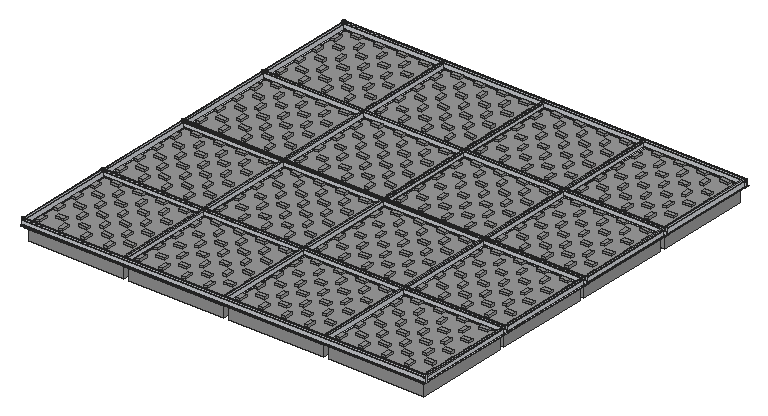
Revit family "GRD-FPG-011_RFA", category Modelos genéricos, Revit 2022 (continued)
Forms (in)
  Extrusion 181, solid
    sketch origin (48.02754, 154.90856, 0) x (1, 0, 0) y (0, 0, 1)
      loop
        arc (0.32669, 2.16944) -> (0.31795, 2.15637) -> (0.31489, 2.14095) r 0.04029
        line (0.31489, 2.14095) -> (0.31489, 1.72991)
        arc (0.31489, 1.72991) -> (0.32752, 1.69941) -> (0.35803, 1.68677) r 0.04314
        line (0.35803, 1.68677) -> (0.39803, 1.68677)
        arc (0.39803, 1.68677) -> (0.41512, 1.67969) -> (0.42221, 1.66259) r 0.02418
      loop
        arc (0.33294, 1.7291) -> (0.34005, 1.71194) -> (0.35722, 1.70483) r 0.02428
        line (0.35722, 1.70483) -> (0.39815, 1.70483)
        arc (0.39815, 1.70483) -> (0.42797, 1.69248) -> (0.44023, 1.66266) r 0.04217
        arc (0.44023, 1.66266) -> (0.45258, 1.69248) -> (0.4824, 1.70483) r 0.04217
        line (0.4824, 1.70483) -> (0.52333, 1.70483)
        arc (0.52333, 1.70483) -> (0.54049, 1.71194) -> (0.54761, 1.7291) r 0.02428
        line (0.54761, 1.7291) -> (0.54761, 2.15016) -> (0.45704, 2.24072)
        arc (0.45704, 2.24072) -> (0.44027, 2.24767) -> (0.42351, 2.24072) r 0.02371
        line (0.42351, 2.24072) -> (0.33294, 2.15016) -> (0.33294, 1.7291)
    from 58.93614 to 81.99864
  Extrusion 182, solid
    sketch origin (72.02767, 154.90856, 0) x (1, 0, 0) y (0, 0, 1)
      loop
        line (0.42221, 1.66259) -> (0.42231, 0.67354)
        arc (0.42231, 0.67354) -> (0.41009, 0.64403) -> (0.38057, 0.6318) r 0.04174
        line (0.38057, 0.6318) -> (-0.00639, 0.6318) -> (-0.00639, 0.59057) -> (0.8874, 0.59057) -> (0.8874, 0.6318) -> (0.49998, 0.6318)
        arc (0.49998, 0.6318) -> (0.47046, 0.64403) -> (0.45824, 0.67354) r 0.04174
        line (0.45824, 0.67354) -> (0.45834, 1.66259)
        arc (0.45834, 1.66259) -> (0.46543, 1.67969) -> (0.48252, 1.68677) r 0.02418
        line (0.48252, 1.68677) -> (0.52252, 1.68677)
        arc (0.52252, 1.68677) -> (0.55303, 1.69941) -> (0.56566, 1.72991) r 0.04314
        line (0.56566, 1.72991) -> (0.56566, 2.14095)
        arc (0.56566, 2.14095) -> (0.5626, 2.15637) -> (0.55386, 2.16944) r 0.04029
        line (0.55386, 2.16944) -> (0.47053, 2.25277)
        arc (0.47053, 2.25277) -> (0.44027, 2.2653) -> (0.41002, 2.25277) r 0.04279
        line (0.41002, 2.25277) -> (0.32669, 2.16944)
        arc (0.32669, 2.16944) -> (0.31795, 2.15637) -> (0.31489, 2.14095) r 0.04029
        line (0.31489, 2.14095) -> (0.31489, 1.72991)
        arc (0.31489, 1.72991) -> (0.32752, 1.69941) -> (0.35803, 1.68677) r 0.04314
        line (0.35803, 1.68677) -> (0.39803, 1.68677)
        arc (0.39803, 1.68677) -> (0.41512, 1.67969) -> (0.42221, 1.66259) r 0.02418
      loop
        arc (0.33294, 1.7291) -> (0.34005, 1.71194) -> (0.35722, 1.70483) r 0.02428
        line (0.35722, 1.70483) -> (0.39815, 1.70483)
        arc (0.39815, 1.70483) -> (0.42797, 1.69248) -> (0.44023, 1.66266) r 0.04217
        arc (0.44023, 1.66266) -> (0.45258, 1.69248) -> (0.4824, 1.70483) r 0.04217
        line (0.4824, 1.70483) -> (0.52333, 1.70483)
        arc (0.52333, 1.70483) -> (0.54049, 1.71194) -> (0.54761, 1.7291) r 0.02428
        line (0.54761, 1.7291) -> (0.54761, 2.15016) -> (0.45704, 2.24072)
        arc (0.45704, 2.24072) -> (0.44027, 2.24767) -> (0.42351, 2.24072) r 0.02371
        line (0.42351, 2.24072) -> (0.33294, 2.15016) -> (0.33294, 1.7291)
    from 58.93614 to 81.99864
  Extrusion 183, solid
    sketch origin (96.02767, 154.90856, 0) x (1, 0, 0) y (0, 0, 1)
      loop
        line (0.42221, 1.66259) -> (0.42231, 0.67354)
        arc (0.42231, 0.67354) -> (0.41009, 0.64403) -> (0.38057, 0.6318) r 0.04174
        line (0.38057, 0.6318) -> (-0.00639, 0.6318) -> (-0.00639, 0.59057) -> (0.8874, 0.59057) -> (0.8874, 0.6318) -> (0.49998, 0.6318)
        arc (0.49998, 0.6318) -> (0.47046, 0.64403) -> (0.45824, 0.67354) r 0.04174
        line (0.45824, 0.67354) -> (0.45834, 1.66259)
        arc (0.45834, 1.66259) -> (0.46543, 1.67969) -> (0.48252, 1.68677) r 0.02418
        line (0.48252, 1.68677) -> (0.52252, 1.68677)
        arc (0.52252, 1.68677) -> (0.55303, 1.69941) -> (0.56566, 1.72991) r 0.04314
        line (0.56566, 1.72991) -> (0.56566, 2.14095)
        arc (0.56566, 2.14095) -> (0.5626, 2.15637) -> (0.55386, 2.16944) r 0.04029
        line (0.55386, 2.16944) -> (0.47053, 2.25277)
        arc (0.47053, 2.25277) -> (0.44027, 2.2653) -> (0.41002, 2.25277) r 0.04279
        line (0.41002, 2.25277) -> (0.32669, 2.16944)
        arc (0.32669, 2.16944) -> (0.31795, 2.15637) -> (0.31489, 2.14095) r 0.04029
        line (0.31489, 2.14095) -> (0.31489, 1.72991)
        arc (0.31489, 1.72991) -> (0.32752, 1.69941) -> (0.35803, 1.68677) r 0.04314
        line (0.35803, 1.68677) -> (0.39803, 1.68677)
        arc (0.39803, 1.68677) -> (0.41512, 1.67969) -> (0.42221, 1.66259) r 0.02418
      loop
        arc (0.33294, 1.7291) -> (0.34005, 1.71194) -> (0.35722, 1.70483) r 0.02428
        line (0.35722, 1.70483) -> (0.39815, 1.70483)
        arc (0.39815, 1.70483) -> (0.42797, 1.69248) -> (0.44023, 1.66266) r 0.04217
        arc (0.44023, 1.66266) -> (0.45258, 1.69248) -> (0.4824, 1.70483) r 0.04217
        line (0.4824, 1.70483) -> (0.52333, 1.70483)
        arc (0.52333, 1.70483) -> (0.54049, 1.71194) -> (0.54761, 1.7291) r 0.02428
        line (0.54761, 1.7291) -> (0.54761, 2.15016) -> (0.45704, 2.24072)
        arc (0.45704, 2.24072) -> (0.44027, 2.24767) -> (0.42351, 2.24072) r 0.02371
        line (0.42351, 2.24072) -> (0.33294, 2.15016) -> (0.33294, 1.7291)
    from 58.93614 to 81.99864
  Extrusion 184, solid
    sketch origin (24.02767, 154.90856, 0) x (1, 0, 0) y (0, 0, 1)
      loop
        line (0.42221, 1.66259) -> (0.42231, 0.67354)
        arc (0.42231, 0.67354) -> (0.41009, 0.64403) -> (0.38057, 0.6318) r 0.04174
        line (0.38057, 0.6318) -> (-0.00639, 0.6318) -> (-0.00639, 0.59057) -> (0.8874, 0.59057) -> (0.8874, 0.6318) -> (0.49998, 0.6318)
        arc (0.49998, 0.6318) -> (0.47046, 0.64403) -> (0.45824, 0.67354) r 0.04174
        line (0.45824, 0.67354) -> (0.45834, 1.66259)
        arc (0.45834, 1.66259) -> (0.46543, 1.67969) -> (0.48252, 1.68677) r 0.02418
        line (0.48252, 1.68677) -> (0.52252, 1.68677)
        arc (0.52252, 1.68677) -> (0.55303, 1.69941) -> (0.56566, 1.72991) r 0.04314
        line (0.56566, 1.72991) -> (0.56566, 2.14095)
        arc (0.56566, 2.14095) -> (0.5626, 2.15637) -> (0.55386, 2.16944) r 0.04029
        line (0.55386, 2.16944) -> (0.47053, 2.25277)
        arc (0.47053, 2.25277) -> (0.44027, 2.2653) -> (0.41002, 2.25277) r 0.04279
        line (0.41002, 2.25277) -> (0.32669, 2.16944)
        arc (0.32669, 2.16944) -> (0.31795, 2.15637) -> (0.31489, 2.14095) r 0.04029
        line (0.31489, 2.14095) -> (0.31489, 1.72991)
        arc (0.31489, 1.72991) -> (0.32752, 1.69941) -> (0.35803, 1.68677) r 0.04314
        line (0.35803, 1.68677) -> (0.39803, 1.68677)
        arc (0.39803, 1.68677) -> (0.41512, 1.67969) -> (0.42221, 1.66259) r 0.02418
      loop
        arc (0.33294, 1.7291) -> (0.34005, 1.71194) -> (0.35722, 1.70483) r 0.02428
        line (0.35722, 1.70483) -> (0.39815, 1.70483)
        arc (0.39815, 1.70483) -> (0.42797, 1.69248) -> (0.44023, 1.66266) r 0.04217
        arc (0.44023, 1.66266) -> (0.45258, 1.69248) -> (0.4824, 1.70483) r 0.04217
        line (0.4824, 1.70483) -> (0.52333, 1.70483)
        arc (0.52333, 1.70483) -> (0.54049, 1.71194) -> (0.54761, 1.7291) r 0.02428
        line (0.54761, 1.7291) -> (0.54761, 2.15016) -> (0.45704, 2.24072)
        arc (0.45704, 2.24072) -> (0.44027, 2.24767) -> (0.42351, 2.24072) r 0.02371
        line (0.42351, 2.24072) -> (0.33294, 2.15016) -> (0.33294, 1.7291)
    from 58.93614 to 81.99864
  Extrusion 185, solid
    sketch origin (0.02767, 154.90856, 0) x (1, 0, 0) y (0, 0, 1)
      loop
        line (0.42221, 1.66259) -> (0.42231, 0.67354)
        arc (0.42231, 0.67354) -> (0.41009, 0.64403) -> (0.38057, 0.6318) r 0.04174
        line (0.38057, 0.6318) -> (-0.00639, 0.6318) -> (-0.00639, 0.59057) -> (0.8874, 0.59057) -> (0.8874, 0.6318) -> (0.49998, 0.6318)
        arc (0.49998, 0.6318) -> (0.47046, 0.64403) -> (0.45824, 0.67354) r 0.04174
        line (0.45824, 0.67354) -> (0.45834, 1.66259)
        arc (0.45834, 1.66259) -> (0.46543, 1.67969) -> (0.48252, 1.68677) r 0.02418
        line (0.48252, 1.68677) -> (0.52252, 1.68677)
        arc (0.52252, 1.68677) -> (0.55303, 1.69941) -> (0.56566, 1.72991) r 0.04314
        line (0.56566, 1.72991) -> (0.56566, 2.14095)
        arc (0.56566, 2.14095) -> (0.5626, 2.15637) -> (0.55386, 2.16944) r 0.04029
        line (0.55386, 2.16944) -> (0.47053, 2.25277)
        arc (0.47053, 2.25277) -> (0.44027, 2.2653) -> (0.41002, 2.25277) r 0.04279
        line (0.41002, 2.25277) -> (0.32669, 2.16944)
        arc (0.32669, 2.16944) -> (0.31795, 2.15637) -> (0.31489, 2.14095) r 0.04029
        line (0.31489, 2.14095) -> (0.31489, 1.72991)
        arc (0.31489, 1.72991) -> (0.32752, 1.69941) -> (0.35803, 1.68677) r 0.04314
        line (0.35803, 1.68677) -> (0.39803, 1.68677)
        arc (0.39803, 1.68677) -> (0.41512, 1.67969) -> (0.42221, 1.66259) r 0.02418
      loop
        arc (0.33294, 1.7291) -> (0.34005, 1.71194) -> (0.35722, 1.70483) r 0.02428
        line (0.35722, 1.70483) -> (0.39815, 1.70483)
        arc (0.39815, 1.70483) -> (0.42797, 1.69248) -> (0.44023, 1.66266) r 0.04217
        arc (0.44023, 1.66266) -> (0.45258, 1.69248) -> (0.4824, 1.70483) r 0.04217
        line (0.4824, 1.70483) -> (0.52333, 1.70483)
        arc (0.52333, 1.70483) -> (0.54049, 1.71194) -> (0.54761, 1.7291) r 0.02428
        line (0.54761, 1.7291) -> (0.54761, 2.15016) -> (0.45704, 2.24072)
        arc (0.45704, 2.24072) -> (0.44027, 2.24767) -> (0.42351, 2.24072) r 0.02371
        line (0.42351, 2.24072) -> (0.33294, 2.15016) -> (0.33294, 1.7291)
    from 58.93614 to 81.99864
  Extrusion 186, solid
    sketch origin (48.02754, 130.90855, 0) x (1, 0, 0) y (0, 0, 1)
      loop
        line (0.42221, 1.66259) -> (0.42231, 0.67354)
        arc (0.42231, 0.67354) -> (0.41009, 0.64403) -> (0.38057, 0.6318) r 0.04174
        line (0.38057, 0.6318) -> (-0.00639, 0.6318) -> (-0.00639, 0.59057) -> (0.8874, 0.59057) -> (0.8874, 0.6318) -> (0.49998, 0.6318)
        arc (0.49998, 0.6318) -> (0.47046, 0.64403) -> (0.45824, 0.67354) r 0.04174
        line (0.45824, 0.67354) -> (0.45834, 1.66259)
        arc (0.45834, 1.66259) -> (0.46543, 1.67969) -> (0.48252, 1.68677) r 0.02418
        line (0.48252, 1.68677) -> (0.52252, 1.68677)
        arc (0.52252, 1.68677) -> (0.55303, 1.69941) -> (0.56566, 1.72991) r 0.04314
        line (0.56566, 1.72991) -> (0.56566, 2.14095)
        arc (0.56566, 2.14095) -> (0.5626, 2.15637) -> (0.55386, 2.16944) r 0.04029
        line (0.55386, 2.16944) -> (0.47053, 2.25277)
        arc (0.47053, 2.25277) -> (0.44027, 2.2653) -> (0.41002, 2.25277) r 0.04279
        line (0.41002, 2.25277) -> (0.32669, 2.16944)
        arc (0.32669, 2.16944) -> (0.31795, 2.15637) -> (0.31489, 2.14095) r 0.04029
        line (0.31489, 2.14095) -> (0.31489, 1.72991)
        arc (0.31489, 1.72991) -> (0.32752, 1.69941) -> (0.35803, 1.68677) r 0.04314
        line (0.35803, 1.68677) -> (0.39803, 1.68677)
        arc (0.39803, 1.68677) -> (0.41512, 1.67969) -> (0.42221, 1.66259) r 0.02418
      loop
        arc (0.33294, 1.7291) -> (0.34005, 1.71194) -> (0.35722, 1.70483) r 0.02428
        line (0.35722, 1.70483) -> (0.39815, 1.70483)
        arc (0.39815, 1.70483) -> (0.42797, 1.69248) -> (0.44023, 1.66266) r 0.04217
        arc (0.44023, 1.66266) -> (0.45258, 1.69248) -> (0.4824, 1.70483) r 0.04217
        line (0.4824, 1.70483) -> (0.52333, 1.70483)
        arc (0.52333, 1.70483) -> (0.54049, 1.71194) -> (0.54761, 1.7291) r 0.02428
        line (0.54761, 1.7291) -> (0.54761, 2.15016) -> (0.45704, 2.24072)
        arc (0.45704, 2.24072) -> (0.44027, 2.24767) -> (0.42351, 2.24072) r 0.02371
        line (0.42351, 2.24072) -> (0.33294, 2.15016) -> (0.33294, 1.7291)
    from 58.93614 to 81.99864
  Extrusion 187, solid
    sketch origin (72.02767, 130.90855, 0) x (1, 0, 0) y (0, 0, 1)
      loop
        line (0.42221, 1.66259) -> (0.42231, 0.67354)
        arc (0.42231, 0.67354) -> (0.41009, 0.64403) -> (0.38057, 0.6318) r 0.04174
        line (0.38057, 0.6318) -> (-0.00639, 0.6318) -> (-0.00639, 0.59057) -> (0.8874, 0.59057) -> (0.8874, 0.6318) -> (0.49998, 0.6318)
        arc (0.49998, 0.6318) -> (0.47046, 0.64403) -> (0.45824, 0.67354) r 0.04174
        line (0.45824, 0.67354) -> (0.45834, 1.66259)
        arc (0.45834, 1.66259) -> (0.46543, 1.67969) -> (0.48252, 1.68677) r 0.02418
        line (0.48252, 1.68677) -> (0.52252, 1.68677)
        arc (0.52252, 1.68677) -> (0.55303, 1.69941) -> (0.56566, 1.72991) r 0.04314
        line (0.56566, 1.72991) -> (0.56566, 2.14095)
        arc (0.56566, 2.14095) -> (0.5626, 2.15637) -> (0.55386, 2.16944) r 0.04029
        line (0.55386, 2.16944) -> (0.47053, 2.25277)
        arc (0.47053, 2.25277) -> (0.44027, 2.2653) -> (0.41002, 2.25277) r 0.04279
        line (0.41002, 2.25277) -> (0.32669, 2.16944)
        arc (0.32669, 2.16944) -> (0.31795, 2.15637) -> (0.31489, 2.14095) r 0.04029
        line (0.31489, 2.14095) -> (0.31489, 1.72991)
        arc (0.31489, 1.72991) -> (0.32752, 1.69941) -> (0.35803, 1.68677) r 0.04314
        line (0.35803, 1.68677) -> (0.39803, 1.68677)
        arc (0.39803, 1.68677) -> (0.41512, 1.67969) -> (0.42221, 1.66259) r 0.02418
      loop
        arc (0.33294, 1.7291) -> (0.34005, 1.71194) -> (0.35722, 1.70483) r 0.02428
        line (0.35722, 1.70483) -> (0.39815, 1.70483)
        arc (0.39815, 1.70483) -> (0.42797, 1.69248) -> (0.44023, 1.66266) r 0.04217
        arc (0.44023, 1.66266) -> (0.45258, 1.69248) -> (0.4824, 1.70483) r 0.04217
        line (0.4824, 1.70483) -> (0.52333, 1.70483)
        arc (0.52333, 1.70483) -> (0.54049, 1.71194) -> (0.54761, 1.7291) r 0.02428
        line (0.54761, 1.7291) -> (0.54761, 2.15016) -> (0.45704, 2.24072)
        arc (0.45704, 2.24072) -> (0.44027, 2.24767) -> (0.42351, 2.24072) r 0.02371
        line (0.42351, 2.24072) -> (0.33294, 2.15016) -> (0.33294, 1.7291)
    from 58.93614 to 81.99864
  Extrusion 188, solid
    sketch origin (96.02767, 130.90855, 0) x (1, 0, 0) y (0, 0, 1)
      loop
        line (0.42221, 1.66259) -> (0.42231, 0.67354)
        arc (0.42231, 0.67354) -> (0.41009, 0.64403) -> (0.38057, 0.6318) r 0.04174
        line (0.38057, 0.6318) -> (-0.00639, 0.6318) -> (-0.00639, 0.59057) -> (0.8874, 0.59057) -> (0.8874, 0.6318) -> (0.49998, 0.6318)
        arc (0.49998, 0.6318) -> (0.47046, 0.64403) -> (0.45824, 0.67354) r 0.04174
        line (0.45824, 0.67354) -> (0.45834, 1.66259)
        arc (0.45834, 1.66259) -> (0.46543, 1.67969) -> (0.48252, 1.68677) r 0.02418
        line (0.48252, 1.68677) -> (0.52252, 1.68677)
        arc (0.52252, 1.68677) -> (0.55303, 1.69941) -> (0.56566, 1.72991) r 0.04314
        line (0.56566, 1.72991) -> (0.56566, 2.14095)
        arc (0.56566, 2.14095) -> (0.5626, 2.15637) -> (0.55386, 2.16944) r 0.04029
        line (0.55386, 2.16944) -> (0.47053, 2.25277)
        arc (0.47053, 2.25277) -> (0.44027, 2.2653) -> (0.41002, 2.25277) r 0.04279
        line (0.41002, 2.25277) -> (0.32669, 2.16944)
        arc (0.32669, 2.16944) -> (0.31795, 2.15637) -> (0.31489, 2.14095) r 0.04029
        line (0.31489, 2.14095) -> (0.31489, 1.72991)
        arc (0.31489, 1.72991) -> (0.32752, 1.69941) -> (0.35803, 1.68677) r 0.04314
        line (0.35803, 1.68677) -> (0.39803, 1.68677)
        arc (0.39803, 1.68677) -> (0.41512, 1.67969) -> (0.42221, 1.66259) r 0.02418
      loop
        arc (0.33294, 1.7291) -> (0.34005, 1.71194) -> (0.35722, 1.70483) r 0.02428
        line (0.35722, 1.70483) -> (0.39815, 1.70483)
        arc (0.39815, 1.70483) -> (0.42797, 1.69248) -> (0.44023, 1.66266) r 0.04217
        arc (0.44023, 1.66266) -> (0.45258, 1.69248) -> (0.4824, 1.70483) r 0.04217
        line (0.4824, 1.70483) -> (0.52333, 1.70483)
        arc (0.52333, 1.70483) -> (0.54049, 1.71194) -> (0.54761, 1.7291) r 0.02428
        line (0.54761, 1.7291) -> (0.54761, 2.15016) -> (0.45704, 2.24072)
        arc (0.45704, 2.24072) -> (0.44027, 2.24767) -> (0.42351, 2.24072) r 0.02371
        line (0.42351, 2.24072) -> (0.33294, 2.15016) -> (0.33294, 1.7291)
    from 58.93614 to 81.99864
  Extrusion 189, solid
    sketch origin (24.02767, 130.90855, 0) x (1, 0, 0) y (0, 0, 1)
      loop
        line (0.42221, 1.66259) -> (0.42231, 0.67354)
        arc (0.42231, 0.67354) -> (0.41009, 0.64403) -> (0.38057, 0.6318) r 0.04174
        line (0.38057, 0.6318) -> (-0.00639, 0.6318) -> (-0.00639, 0.59057) -> (0.8874, 0.59057) -> (0.8874, 0.6318) -> (0.49998, 0.6318)
        arc (0.49998, 0.6318) -> (0.47046, 0.64403) -> (0.45824, 0.67354) r 0.04174
        line (0.45824, 0.67354) -> (0.45834, 1.66259)
        arc (0.45834, 1.66259) -> (0.46543, 1.67969) -> (0.48252, 1.68677) r 0.02418
        line (0.48252, 1.68677) -> (0.52252, 1.68677)
        arc (0.52252, 1.68677) -> (0.55303, 1.69941) -> (0.56566, 1.72991) r 0.04314
        line (0.56566, 1.72991) -> (0.56566, 2.14095)
        arc (0.56566, 2.14095) -> (0.5626, 2.15637) -> (0.55386, 2.16944) r 0.04029
        line (0.55386, 2.16944) -> (0.47053, 2.25277)
        arc (0.47053, 2.25277) -> (0.44027, 2.2653) -> (0.41002, 2.25277) r 0.04279
        line (0.41002, 2.25277) -> (0.32669, 2.16944)
        arc (0.32669, 2.16944) -> (0.31795, 2.15637) -> (0.31489, 2.14095) r 0.04029
        line (0.31489, 2.14095) -> (0.31489, 1.72991)
        arc (0.31489, 1.72991) -> (0.32752, 1.69941) -> (0.35803, 1.68677) r 0.04314
        line (0.35803, 1.68677) -> (0.39803, 1.68677)
        arc (0.39803, 1.68677) -> (0.41512, 1.67969) -> (0.42221, 1.66259) r 0.02418
      loop
        arc (0.33294, 1.7291) -> (0.34005, 1.71194) -> (0.35722, 1.70483) r 0.02428
        line (0.35722, 1.70483) -> (0.39815, 1.70483)
        arc (0.39815, 1.70483) -> (0.42797, 1.69248) -> (0.44023, 1.66266) r 0.04217
        arc (0.44023, 1.66266) -> (0.45258, 1.69248) -> (0.4824, 1.70483) r 0.04217
        line (0.4824, 1.70483) -> (0.52333, 1.70483)
        arc (0.52333, 1.70483) -> (0.54049, 1.71194) -> (0.54761, 1.7291) r 0.02428
        line (0.54761, 1.7291) -> (0.54761, 2.15016) -> (0.45704, 2.24072)
        arc (0.45704, 2.24072) -> (0.44027, 2.24767) -> (0.42351, 2.24072) r 0.02371
        line (0.42351, 2.24072) -> (0.33294, 2.15016) -> (0.33294, 1.7291)
    from 58.93614 to 81.99864
  Extrusion 190, solid
    sketch origin (0.02767, 130.90855, 0) x (1, 0, 0) y (0, 0, 1)
      loop
        line (0.42221, 1.66259) -> (0.42231, 0.67354)
        arc (0.42231, 0.67354) -> (0.41009, 0.64403) -> (0.38057, 0.6318) r 0.04174
        line (0.38057, 0.6318) -> (-0.00639, 0.6318) -> (-0.00639, 0.59057) -> (0.8874, 0.59057) -> (0.8874, 0.6318) -> (0.49998, 0.6318)
        arc (0.49998, 0.6318) -> (0.47046, 0.64403) -> (0.45824, 0.67354) r 0.04174
        line (0.45824, 0.67354) -> (0.45834, 1.66259)
        arc (0.45834, 1.66259) -> (0.46543, 1.67969) -> (0.48252, 1.68677) r 0.02418
        line (0.48252, 1.68677) -> (0.52252, 1.68677)
        arc (0.52252, 1.68677) -> (0.55303, 1.69941) -> (0.56566, 1.72991) r 0.04314
        line (0.56566, 1.72991) -> (0.56566, 2.14095)
        arc (0.56566, 2.14095) -> (0.5626, 2.15637) -> (0.55386, 2.16944) r 0.04029
        line (0.55386, 2.16944) -> (0.47053, 2.25277)
        arc (0.47053, 2.25277) -> (0.44027, 2.2653) -> (0.41002, 2.25277) r 0.04279
        line (0.41002, 2.25277) -> (0.32669, 2.16944)
        arc (0.32669, 2.16944) -> (0.31795, 2.15637) -> (0.31489, 2.14095) r 0.04029
        line (0.31489, 2.14095) -> (0.31489, 1.72991)
        arc (0.31489, 1.72991) -> (0.32752, 1.69941) -> (0.35803, 1.68677) r 0.04314
        line (0.35803, 1.68677) -> (0.39803, 1.68677)
        arc (0.39803, 1.68677) -> (0.41512, 1.67969) -> (0.42221, 1.66259) r 0.02418
      loop
        arc (0.33294, 1.7291) -> (0.34005, 1.71194) -> (0.35722, 1.70483) r 0.02428
        line (0.35722, 1.70483) -> (0.39815, 1.70483)
        arc (0.39815, 1.70483) -> (0.42797, 1.69248) -> (0.44023, 1.66266) r 0.04217
        arc (0.44023, 1.66266) -> (0.45258, 1.69248) -> (0.4824, 1.70483) r 0.04217
        line (0.4824, 1.70483) -> (0.52333, 1.70483)
        arc (0.52333, 1.70483) -> (0.54049, 1.71194) -> (0.54761, 1.7291) r 0.02428
        line (0.54761, 1.7291) -> (0.54761, 2.15016) -> (0.45704, 2.24072)
        arc (0.45704, 2.24072) -> (0.44027, 2.24767) -> (0.42351, 2.24072) r 0.02371
        line (0.42351, 2.24072) -> (0.33294, 2.15016) -> (0.33294, 1.7291)
    from 58.93614 to 81.99864
  Extrusion 191, solid
    sketch origin (48.02754, 106.90856, 0) x (1, 0, 0) y (0, 0, 1)
      loop
        line (0.42221, 1.66259) -> (0.42231, 0.67354)
        arc (0.42231, 0.67354) -> (0.41009, 0.64403) -> (0.38057, 0.6318) r 0.04174
        line (0.38057, 0.6318) -> (-0.00639, 0.6318) -> (-0.00639, 0.59057) -> (0.8874, 0.59057) -> (0.8874, 0.6318) -> (0.49998, 0.6318)
        arc (0.49998, 0.6318) -> (0.47046, 0.64403) -> (0.45824, 0.67354) r 0.04174
        line (0.45824, 0.67354) -> (0.45834, 1.66259)
        arc (0.45834, 1.66259) -> (0.46543, 1.67969) -> (0.48252, 1.68677) r 0.02418
        line (0.48252, 1.68677) -> (0.52252, 1.68677)
        arc (0.52252, 1.68677) -> (0.55303, 1.69941) -> (0.56566, 1.72991) r 0.04314
        line (0.56566, 1.72991) -> (0.56566, 2.14095)
        arc (0.56566, 2.14095) -> (0.5626, 2.15637) -> (0.55386, 2.16944) r 0.04029
        line (0.55386, 2.16944) -> (0.47053, 2.25277)
        arc (0.47053, 2.25277) -> (0.44027, 2.2653) -> (0.41002, 2.25277) r 0.04279
        line (0.41002, 2.25277) -> (0.32669, 2.16944)
        arc (0.32669, 2.16944) -> (0.31795, 2.15637) -> (0.31489, 2.14095) r 0.04029
        line (0.31489, 2.14095) -> (0.31489, 1.72991)
        arc (0.31489, 1.72991) -> (0.32752, 1.69941) -> (0.35803, 1.68677) r 0.04314
        line (0.35803, 1.68677) -> (0.39803, 1.68677)
        arc (0.39803, 1.68677) -> (0.41512, 1.67969) -> (0.42221, 1.66259) r 0.02418
      loop
        arc (0.33294, 1.7291) -> (0.34005, 1.71194) -> (0.35722, 1.70483) r 0.02428
        line (0.35722, 1.70483) -> (0.39815, 1.70483)
        arc (0.39815, 1.70483) -> (0.42797, 1.69248) -> (0.44023, 1.66266) r 0.04217
        arc (0.44023, 1.66266) -> (0.45258, 1.69248) -> (0.4824, 1.70483) r 0.04217
        line (0.4824, 1.70483) -> (0.52333, 1.70483)
        arc (0.52333, 1.70483) -> (0.54049, 1.71194) -> (0.54761, 1.7291) r 0.02428
        line (0.54761, 1.7291) -> (0.54761, 2.15016) -> (0.45704, 2.24072)
        arc (0.45704, 2.24072) -> (0.44027, 2.24767) -> (0.42351, 2.24072) r 0.02371
        line (0.42351, 2.24072) -> (0.33294, 2.15016) -> (0.33294, 1.7291)
    from 58.93614 to 81.99864
  Extrusion 192, solid
    sketch origin (72.02767, 106.90856, 0) x (1, 0, 0) y (0, 0, 1)
      loop
        line (0.42221, 1.66259) -> (0.42231, 0.67354)
        arc (0.42231, 0.67354) -> (0.41009, 0.64403) -> (0.38057, 0.6318) r 0.04174
        line (0.38057, 0.6318) -> (-0.00639, 0.6318) -> (-0.00639, 0.59057) -> (0.8874, 0.59057) -> (0.8874, 0.6318) -> (0.49998, 0.6318)
        arc (0.49998, 0.6318) -> (0.47046, 0.64403) -> (0.45824, 0.67354) r 0.04174
        line (0.45824, 0.67354) -> (0.45834, 1.66259)
        arc (0.45834, 1.66259) -> (0.46543, 1.67969) -> (0.48252, 1.68677) r 0.02418
        line (0.48252, 1.68677) -> (0.52252, 1.68677)
        arc (0.52252, 1.68677) -> (0.55303, 1.69941) -> (0.56566, 1.72991) r 0.04314
        line (0.56566, 1.72991) -> (0.56566, 2.14095)
        arc (0.56566, 2.14095) -> (0.5626, 2.15637) -> (0.55386, 2.16944) r 0.04029
        line (0.55386, 2.16944) -> (0.47053, 2.25277)
        arc (0.47053, 2.25277) -> (0.44027, 2.2653) -> (0.41002, 2.25277) r 0.04279
        line (0.41002, 2.25277) -> (0.32669, 2.16944)
        arc (0.32669, 2.16944) -> (0.31795, 2.15637) -> (0.31489, 2.14095) r 0.04029
        line (0.31489, 2.14095) -> (0.31489, 1.72991)
        arc (0.31489, 1.72991) -> (0.32752, 1.69941) -> (0.35803, 1.68677) r 0.04314
        line (0.35803, 1.68677) -> (0.39803, 1.68677)
        arc (0.39803, 1.68677) -> (0.41512, 1.67969) -> (0.42221, 1.66259) r 0.02418
      loop
        arc (0.33294, 1.7291) -> (0.34005, 1.71194) -> (0.35722, 1.70483) r 0.02428
        line (0.35722, 1.70483) -> (0.39815, 1.70483)
        arc (0.39815, 1.70483) -> (0.42797, 1.69248) -> (0.44023, 1.66266) r 0.04217
        arc (0.44023, 1.66266) -> (0.45258, 1.69248) -> (0.4824, 1.70483) r 0.04217
        line (0.4824, 1.70483) -> (0.52333, 1.70483)
        arc (0.52333, 1.70483) -> (0.54049, 1.71194) -> (0.54761, 1.7291) r 0.02428
        line (0.54761, 1.7291) -> (0.54761, 2.15016) -> (0.45704, 2.24072)
        arc (0.45704, 2.24072) -> (0.44027, 2.24767) -> (0.42351, 2.24072) r 0.02371
        line (0.42351, 2.24072) -> (0.33294, 2.15016) -> (0.33294, 1.7291)
    from 58.93614 to 81.99864
  Extrusion 193, solid
    sketch origin (96.02767, 106.90856, 0) x (1, 0, 0) y (0, 0, 1)
      loop
        line (0.42221, 1.66259) -> (0.42231, 0.67354)
        arc (0.42231, 0.67354) -> (0.41009, 0.64403) -> (0.38057, 0.6318) r 0.04174
        line (0.38057, 0.6318) -> (-0.00639, 0.6318) -> (-0.00639, 0.59057) -> (0.8874, 0.59057) -> (0.8874, 0.6318) -> (0.49998, 0.6318)
        arc (0.49998, 0.6318) -> (0.47046, 0.64403) -> (0.45824, 0.67354) r 0.04174
        line (0.45824, 0.67354) -> (0.45834, 1.66259)
        arc (0.45834, 1.66259) -> (0.46543, 1.67969) -> (0.48252, 1.68677) r 0.02418
        line (0.48252, 1.68677) -> (0.52252, 1.68677)
        arc (0.52252, 1.68677) -> (0.55303, 1.69941) -> (0.56566, 1.72991) r 0.04314
        line (0.56566, 1.72991) -> (0.56566, 2.14095)
        arc (0.56566, 2.14095) -> (0.5626, 2.15637) -> (0.55386, 2.16944) r 0.04029
        line (0.55386, 2.16944) -> (0.47053, 2.25277)
        arc (0.47053, 2.25277) -> (0.44027, 2.2653) -> (0.41002, 2.25277) r 0.04279
        line (0.41002, 2.25277) -> (0.32669, 2.16944)
        arc (0.32669, 2.16944) -> (0.31795, 2.15637) -> (0.31489, 2.14095) r 0.04029
        line (0.31489, 2.14095) -> (0.31489, 1.72991)
        arc (0.31489, 1.72991) -> (0.32752, 1.69941) -> (0.35803, 1.68677) r 0.04314
        line (0.35803, 1.68677) -> (0.39803, 1.68677)
        arc (0.39803, 1.68677) -> (0.41512, 1.67969) -> (0.42221, 1.66259) r 0.02418
      loop
        arc (0.33294, 1.7291) -> (0.34005, 1.71194) -> (0.35722, 1.70483) r 0.02428
        line (0.35722, 1.70483) -> (0.39815, 1.70483)
        arc (0.39815, 1.70483) -> (0.42797, 1.69248) -> (0.44023, 1.66266) r 0.04217
        arc (0.44023, 1.66266) -> (0.45258, 1.69248) -> (0.4824, 1.70483) r 0.04217
        line (0.4824, 1.70483) -> (0.52333, 1.70483)
        arc (0.52333, 1.70483) -> (0.54049, 1.71194) -> (0.54761, 1.7291) r 0.02428
        line (0.54761, 1.7291) -> (0.54761, 2.15016) -> (0.45704, 2.24072)
        arc (0.45704, 2.24072) -> (0.44027, 2.24767) -> (0.42351, 2.24072) r 0.02371
        line (0.42351, 2.24072) -> (0.33294, 2.15016) -> (0.33294, 1.7291)
    from 58.93614 to 81.99864
  Extrusion 194, solid
    sketch origin (24.02767, 106.90856, 0) x (1, 0, 0) y (0, 0, 1)
      loop
        line (0.42221, 1.66259) -> (0.42231, 0.67354)
        arc (0.42231, 0.67354) -> (0.41009, 0.64403) -> (0.38057, 0.6318) r 0.04174
        line (0.38057, 0.6318) -> (-0.00639, 0.6318) -> (-0.00639, 0.59057) -> (0.8874, 0.59057) -> (0.8874, 0.6318) -> (0.49998, 0.6318)
        arc (0.49998, 0.6318) -> (0.47046, 0.64403) -> (0.45824, 0.67354) r 0.04174
        line (0.45824, 0.67354) -> (0.45834, 1.66259)
        arc (0.45834, 1.66259) -> (0.46543, 1.67969) -> (0.48252, 1.68677) r 0.02418
        line (0.48252, 1.68677) -> (0.52252, 1.68677)
        arc (0.52252, 1.68677) -> (0.55303, 1.69941) -> (0.56566, 1.72991) r 0.04314
        line (0.56566, 1.72991) -> (0.56566, 2.14095)
        arc (0.56566, 2.14095) -> (0.5626, 2.15637) -> (0.55386, 2.16944) r 0.04029
        line (0.55386, 2.16944) -> (0.47053, 2.25277)
        arc (0.47053, 2.25277) -> (0.44027, 2.2653) -> (0.41002, 2.25277) r 0.04279
        line (0.41002, 2.25277) -> (0.32669, 2.16944)
        arc (0.32669, 2.16944) -> (0.31795, 2.15637) -> (0.31489, 2.14095) r 0.04029
        line (0.31489, 2.14095) -> (0.31489, 1.72991)
        arc (0.31489, 1.72991) -> (0.32752, 1.69941) -> (0.35803, 1.68677) r 0.04314
        line (0.35803, 1.68677) -> (0.39803, 1.68677)
        arc (0.39803, 1.68677) -> (0.41512, 1.67969) -> (0.42221, 1.66259) r 0.02418
      loop
        arc (0.33294, 1.7291) -> (0.34005, 1.71194) -> (0.35722, 1.70483) r 0.02428
        line (0.35722, 1.70483) -> (0.39815, 1.70483)
        arc (0.39815, 1.70483) -> (0.42797, 1.69248) -> (0.44023, 1.66266) r 0.04217
        arc (0.44023, 1.66266) -> (0.45258, 1.69248) -> (0.4824, 1.70483) r 0.04217
        line (0.4824, 1.70483) -> (0.52333, 1.70483)
        arc (0.52333, 1.70483) -> (0.54049, 1.71194) -> (0.54761, 1.7291) r 0.02428
        line (0.54761, 1.7291) -> (0.54761, 2.15016) -> (0.45704, 2.24072)
        arc (0.45704, 2.24072) -> (0.44027, 2.24767) -> (0.42351, 2.24072) r 0.02371
        line (0.42351, 2.24072) -> (0.33294, 2.15016) -> (0.33294, 1.7291)
    from 58.93614 to 81.99864
  Extrusion 195, solid
    sketch origin (0.02767, 106.90856, 0) x (1, 0, 0) y (0, 0, 1)
      loop
        line (0.42221, 1.66259) -> (0.42231, 0.67354)
        arc (0.42231, 0.67354) -> (0.41009, 0.64403) -> (0.38057, 0.6318) r 0.04174
        line (0.38057, 0.6318) -> (-0.00639, 0.6318) -> (-0.00639, 0.59057) -> (0.8874, 0.59057) -> (0.8874, 0.6318) -> (0.49998, 0.6318)
        arc (0.49998, 0.6318) -> (0.47046, 0.64403) -> (0.45824, 0.67354) r 0.04174
        line (0.45824, 0.67354) -> (0.45834, 1.66259)
        arc (0.45834, 1.66259) -> (0.46543, 1.67969) -> (0.48252, 1.68677) r 0.02418
        line (0.48252, 1.68677) -> (0.52252, 1.68677)
        arc (0.52252, 1.68677) -> (0.55303, 1.69941) -> (0.56566, 1.72991) r 0.04314
        line (0.56566, 1.72991) -> (0.56566, 2.14095)
        arc (0.56566, 2.14095) -> (0.5626, 2.15637) -> (0.55386, 2.16944) r 0.04029
        line (0.55386, 2.16944) -> (0.47053, 2.25277)
        arc (0.47053, 2.25277) -> (0.44027, 2.2653) -> (0.41002, 2.25277) r 0.04279
        line (0.41002, 2.25277) -> (0.32669, 2.16944)
        arc (0.32669, 2.16944) -> (0.31795, 2.15637) -> (0.31489, 2.14095) r 0.04029
        line (0.31489, 2.14095) -> (0.31489, 1.72991)
        arc (0.31489, 1.72991) -> (0.32752, 1.69941) -> (0.35803, 1.68677) r 0.04314
        line (0.35803, 1.68677) -> (0.39803, 1.68677)
        arc (0.39803, 1.68677) -> (0.41512, 1.67969) -> (0.42221, 1.66259) r 0.02418
      loop
        arc (0.33294, 1.7291) -> (0.34005, 1.71194) -> (0.35722, 1.70483) r 0.02428
        line (0.35722, 1.70483) -> (0.39815, 1.70483)
        arc (0.39815, 1.70483) -> (0.42797, 1.69248) -> (0.44023, 1.66266) r 0.04217
        arc (0.44023, 1.66266) -> (0.45258, 1.69248) -> (0.4824, 1.70483) r 0.04217
        line (0.4824, 1.70483) -> (0.52333, 1.70483)
        arc (0.52333, 1.70483) -> (0.54049, 1.71194) -> (0.54761, 1.7291) r 0.02428
        line (0.54761, 1.7291) -> (0.54761, 2.15016) -> (0.45704, 2.24072)
        arc (0.45704, 2.24072) -> (0.44027, 2.24767) -> (0.42351, 2.24072) r 0.02371
        line (0.42351, 2.24072) -> (0.33294, 2.15016) -> (0.33294, 1.7291)
    from 58.93614 to 81.99864
  Extrusion 196, solid
    sketch origin (48.02754, 82.90856, 0) x (1, 0, 0) y (0, 0, 1)
      loop
        line (0.42221, 1.66259) -> (0.42231, 0.67354)
        arc (0.42231, 0.67354) -> (0.41009, 0.64403) -> (0.38057, 0.6318) r 0.04174
        line (0.38057, 0.6318) -> (-0.00639, 0.6318) -> (-0.00639, 0.59057) -> (0.8874, 0.59057) -> (0.8874, 0.6318) -> (0.49998, 0.6318)
        arc (0.49998, 0.6318) -> (0.47046, 0.64403) -> (0.45824, 0.67354) r 0.04174
        line (0.45824, 0.67354) -> (0.45834, 1.66259)
        arc (0.45834, 1.66259) -> (0.46543, 1.67969) -> (0.48252, 1.68677) r 0.02418
        line (0.48252, 1.68677) -> (0.52252, 1.68677)
        arc (0.52252, 1.68677) -> (0.55303, 1.69941) -> (0.56566, 1.72991) r 0.04314
        line (0.56566, 1.72991) -> (0.56566, 2.14095)
        arc (0.56566, 2.14095) -> (0.5626, 2.15637) -> (0.55386, 2.16944) r 0.04029
        line (0.55386, 2.16944) -> (0.47053, 2.25277)
        arc (0.47053, 2.25277) -> (0.44027, 2.2653) -> (0.41002, 2.25277) r 0.04279
        line (0.41002, 2.25277) -> (0.32669, 2.16944)
        arc (0.32669, 2.16944) -> (0.31795, 2.15637) -> (0.31489, 2.14095) r 0.04029
        line (0.31489, 2.14095) -> (0.31489, 1.72991)
        arc (0.31489, 1.72991) -> (0.32752, 1.69941) -> (0.35803, 1.68677) r 0.04314
        line (0.35803, 1.68677) -> (0.39803, 1.68677)
        arc (0.39803, 1.68677) -> (0.41512, 1.67969) -> (0.42221, 1.66259) r 0.02418
      loop
        arc (0.33294, 1.7291) -> (0.34005, 1.71194) -> (0.35722, 1.70483) r 0.02428
        line (0.35722, 1.70483) -> (0.39815, 1.70483)
        arc (0.39815, 1.70483) -> (0.42797, 1.69248) -> (0.44023, 1.66266) r 0.04217
        arc (0.44023, 1.66266) -> (0.45258, 1.69248) -> (0.4824, 1.70483) r 0.04217
        line (0.4824, 1.70483) -> (0.52333, 1.70483)
        arc (0.52333, 1.70483) -> (0.54049, 1.71194) -> (0.54761, 1.7291) r 0.02428
        line (0.54761, 1.7291) -> (0.54761, 2.15016) -> (0.45704, 2.24072)
        arc (0.45704, 2.24072) -> (0.44027, 2.24767) -> (0.42351, 2.24072) r 0.02371
        line (0.42351, 2.24072) -> (0.33294, 2.15016) -> (0.33294, 1.7291)
    from 58.93614 to 81.99864
  Extrusion 197, solid
    sketch origin (72.02767, 82.90856, 0) x (1, 0, 0) y (0, 0, 1)
      loop
        line (0.42221, 1.66259) -> (0.42231, 0.67354)
        arc (0.42231, 0.67354) -> (0.41009, 0.64403) -> (0.38057, 0.6318) r 0.04174
        line (0.38057, 0.6318) -> (-0.00639, 0.6318) -> (-0.00639, 0.59057) -> (0.8874, 0.59057) -> (0.8874, 0.6318) -> (0.49998, 0.6318)
        arc (0.49998, 0.6318) -> (0.47046, 0.64403) -> (0.45824, 0.67354) r 0.04174
        line (0.45824, 0.67354) -> (0.45834, 1.66259)
        arc (0.45834, 1.66259) -> (0.46543, 1.67969) -> (0.48252, 1.68677) r 0.02418
        line (0.48252, 1.68677) -> (0.52252, 1.68677)
        arc (0.52252, 1.68677) -> (0.55303, 1.69941) -> (0.56566, 1.72991) r 0.04314
        line (0.56566, 1.72991) -> (0.56566, 2.14095)
        arc (0.56566, 2.14095) -> (0.5626, 2.15637) -> (0.55386, 2.16944) r 0.04029
        line (0.55386, 2.16944) -> (0.47053, 2.25277)
        arc (0.47053, 2.25277) -> (0.44027, 2.2653) -> (0.41002, 2.25277) r 0.04279
        line (0.41002, 2.25277) -> (0.32669, 2.16944)
        arc (0.32669, 2.16944) -> (0.31795, 2.15637) -> (0.31489, 2.14095) r 0.04029
        line (0.31489, 2.14095) -> (0.31489, 1.72991)
        arc (0.31489, 1.72991) -> (0.32752, 1.69941) -> (0.35803, 1.68677) r 0.04314
        line (0.35803, 1.68677) -> (0.39803, 1.68677)
        arc (0.39803, 1.68677) -> (0.41512, 1.67969) -> (0.42221, 1.66259) r 0.02418
      loop
        arc (0.33294, 1.7291) -> (0.34005, 1.71194) -> (0.35722, 1.70483) r 0.02428
        line (0.35722, 1.70483) -> (0.39815, 1.70483)
        arc (0.39815, 1.70483) -> (0.42797, 1.69248) -> (0.44023, 1.66266) r 0.04217
        arc (0.44023, 1.66266) -> (0.45258, 1.69248) -> (0.4824, 1.70483) r 0.04217
        line (0.4824, 1.70483) -> (0.52333, 1.70483)
        arc (0.52333, 1.70483) -> (0.54049, 1.71194) -> (0.54761, 1.7291) r 0.02428
        line (0.54761, 1.7291) -> (0.54761, 2.15016) -> (0.45704, 2.24072)
        arc (0.45704, 2.24072) -> (0.44027, 2.24767) -> (0.42351, 2.24072) r 0.02371
        line (0.42351, 2.24072) -> (0.33294, 2.15016) -> (0.33294, 1.7291)
    from 58.93614 to 81.99864
  Extrusion 198, solid
    sketch origin (96.02767, 82.90856, 0) x (1, 0, 0) y (0, 0, 1)
      loop
        line (0.42221, 1.66259) -> (0.42231, 0.67354)
        arc (0.42231, 0.67354) -> (0.41009, 0.64403) -> (0.38057, 0.6318) r 0.04174
        line (0.38057, 0.6318) -> (-0.00639, 0.6318) -> (-0.00639, 0.59057) -> (0.8874, 0.59057) -> (0.8874, 0.6318) -> (0.49998, 0.6318)
        arc (0.49998, 0.6318) -> (0.47046, 0.64403) -> (0.45824, 0.67354) r 0.04174
        line (0.45824, 0.67354) -> (0.45834, 1.66259)
        arc (0.45834, 1.66259) -> (0.46543, 1.67969) -> (0.48252, 1.68677) r 0.02418
        line (0.48252, 1.68677) -> (0.52252, 1.68677)
        arc (0.52252, 1.68677) -> (0.55303, 1.69941) -> (0.56566, 1.72991) r 0.04314
        line (0.56566, 1.72991) -> (0.56566, 2.14095)
        arc (0.56566, 2.14095) -> (0.5626, 2.15637) -> (0.55386, 2.16944) r 0.04029
        line (0.55386, 2.16944) -> (0.47053, 2.25277)
        arc (0.47053, 2.25277) -> (0.44027, 2.2653) -> (0.41002, 2.25277) r 0.04279
        line (0.41002, 2.25277) -> (0.32669, 2.16944)
        arc (0.32669, 2.16944) -> (0.31795, 2.15637) -> (0.31489, 2.14095) r 0.04029
        line (0.31489, 2.14095) -> (0.31489, 1.72991)
        arc (0.31489, 1.72991) -> (0.32752, 1.69941) -> (0.35803, 1.68677) r 0.04314
        line (0.35803, 1.68677) -> (0.39803, 1.68677)
        arc (0.39803, 1.68677) -> (0.41512, 1.67969) -> (0.42221, 1.66259) r 0.02418
      loop
        arc (0.33294, 1.7291) -> (0.34005, 1.71194) -> (0.35722, 1.70483) r 0.02428
        line (0.35722, 1.70483) -> (0.39815, 1.70483)
        arc (0.39815, 1.70483) -> (0.42797, 1.69248) -> (0.44023, 1.66266) r 0.04217
        arc (0.44023, 1.66266) -> (0.45258, 1.69248) -> (0.4824, 1.70483) r 0.04217
        line (0.4824, 1.70483) -> (0.52333, 1.70483)
        arc (0.52333, 1.70483) -> (0.54049, 1.71194) -> (0.54761, 1.7291) r 0.02428
        line (0.54761, 1.7291) -> (0.54761, 2.15016) -> (0.45704, 2.24072)
        arc (0.45704, 2.24072) -> (0.44027, 2.24767) -> (0.42351, 2.24072) r 0.02371
        line (0.42351, 2.24072) -> (0.33294, 2.15016) -> (0.33294, 1.7291)
    from 58.93614 to 81.99864
  Extrusion 199, solid
    sketch origin (24.02767, 82.90856, 0) x (1, 0, 0) y (0, 0, 1)
      loop
        line (0.42221, 1.66259) -> (0.42231, 0.67354)
        arc (0.42231, 0.67354) -> (0.41009, 0.64403) -> (0.38057, 0.6318) r 0.04174
        line (0.38057, 0.6318) -> (-0.00639, 0.6318) -> (-0.00639, 0.59057) -> (0.8874, 0.59057) -> (0.8874, 0.6318) -> (0.49998, 0.6318)
        arc (0.49998, 0.6318) -> (0.47046, 0.64403) -> (0.45824, 0.67354) r 0.04174
        line (0.45824, 0.67354) -> (0.45834, 1.66259)
        arc (0.45834, 1.66259) -> (0.46543, 1.67969) -> (0.48252, 1.68677) r 0.02418
        line (0.48252, 1.68677) -> (0.52252, 1.68677)
        arc (0.52252, 1.68677) -> (0.55303, 1.69941) -> (0.56566, 1.72991) r 0.04314
        line (0.56566, 1.72991) -> (0.56566, 2.14095)
        arc (0.56566, 2.14095) -> (0.5626, 2.15637) -> (0.55386, 2.16944) r 0.04029
        line (0.55386, 2.16944) -> (0.47053, 2.25277)
        arc (0.47053, 2.25277) -> (0.44027, 2.2653) -> (0.41002, 2.25277) r 0.04279
        line (0.41002, 2.25277) -> (0.32669, 2.16944)
        arc (0.32669, 2.16944) -> (0.31795, 2.15637) -> (0.31489, 2.14095) r 0.04029
        line (0.31489, 2.14095) -> (0.31489, 1.72991)
        arc (0.31489, 1.72991) -> (0.32752, 1.69941) -> (0.35803, 1.68677) r 0.04314
        line (0.35803, 1.68677) -> (0.39803, 1.68677)
        arc (0.39803, 1.68677) -> (0.41512, 1.67969) -> (0.42221, 1.66259) r 0.02418
      loop
        arc (0.33294, 1.7291) -> (0.34005, 1.71194) -> (0.35722, 1.70483) r 0.02428
        line (0.35722, 1.70483) -> (0.39815, 1.70483)
        arc (0.39815, 1.70483) -> (0.42797, 1.69248) -> (0.44023, 1.66266) r 0.04217
        arc (0.44023, 1.66266) -> (0.45258, 1.69248) -> (0.4824, 1.70483) r 0.04217
        line (0.4824, 1.70483) -> (0.52333, 1.70483)
        arc (0.52333, 1.70483) -> (0.54049, 1.71194) -> (0.54761, 1.7291) r 0.02428
        line (0.54761, 1.7291) -> (0.54761, 2.15016) -> (0.45704, 2.24072)
        arc (0.45704, 2.24072) -> (0.44027, 2.24767) -> (0.42351, 2.24072) r 0.02371
        line (0.42351, 2.24072) -> (0.33294, 2.15016) -> (0.33294, 1.7291)
    from 58.93614 to 81.99864
  Extrusion 200, solid
    sketch origin (0.02767, 82.90856, 0) x (1, 0, 0) y (0, 0, 1)
      loop
        line (0.42221, 1.66259) -> (0.42231, 0.67354)
        arc (0.42231, 0.67354) -> (0.41009, 0.64403) -> (0.38057, 0.6318) r 0.04174
        line (0.38057, 0.6318) -> (-0.00639, 0.6318) -> (-0.00639, 0.59057) -> (0.8874, 0.59057) -> (0.8874, 0.6318) -> (0.49998, 0.6318)
        arc (0.49998, 0.6318) -> (0.47046, 0.64403) -> (0.45824, 0.67354) r 0.04174
        line (0.45824, 0.67354) -> (0.45834, 1.66259)
        arc (0.45834, 1.66259) -> (0.46543, 1.67969) -> (0.48252, 1.68677) r 0.02418
        line (0.48252, 1.68677) -> (0.52252, 1.68677)
        arc (0.52252, 1.68677) -> (0.55303, 1.69941) -> (0.56566, 1.72991) r 0.04314
        line (0.56566, 1.72991) -> (0.56566, 2.14095)
        arc (0.56566, 2.14095) -> (0.5626, 2.15637) -> (0.55386, 2.16944) r 0.04029
        line (0.55386, 2.16944) -> (0.47053, 2.25277)
        arc (0.47053, 2.25277) -> (0.44027, 2.2653) -> (0.41002, 2.25277) r 0.04279
        line (0.41002, 2.25277) -> (0.32669, 2.16944)
        arc (0.32669, 2.16944) -> (0.31795, 2.15637) -> (0.31489, 2.14095) r 0.04029
        line (0.31489, 2.14095) -> (0.31489, 1.72991)
        arc (0.31489, 1.72991) -> (0.32752, 1.69941) -> (0.35803, 1.68677) r 0.04314
        line (0.35803, 1.68677) -> (0.39803, 1.68677)
        arc (0.39803, 1.68677) -> (0.41512, 1.67969) -> (0.42221, 1.66259) r 0.02418
      loop
        arc (0.33294, 1.7291) -> (0.34005, 1.71194) -> (0.35722, 1.70483) r 0.02428
        line (0.35722, 1.70483) -> (0.39815, 1.70483)
        arc (0.39815, 1.70483) -> (0.42797, 1.69248) -> (0.44023, 1.66266) r 0.04217
        arc (0.44023, 1.66266) -> (0.45258, 1.69248) -> (0.4824, 1.70483) r 0.04217
        line (0.4824, 1.70483) -> (0.52333, 1.70483)
        arc (0.52333, 1.70483) -> (0.54049, 1.71194) -> (0.54761, 1.7291) r 0.02428
        line (0.54761, 1.7291) -> (0.54761, 2.15016) -> (0.45704, 2.24072)
        arc (0.45704, 2.24072) -> (0.44027, 2.24767) -> (0.42351, 2.24072) r 0.02371
        line (0.42351, 2.24072) -> (0.33294, 2.15016) -> (0.33294, 1.7291)
    from 58.93614 to 81.99864
  Extrusion 201, solid, not visible
    sketch origin (0, 0, 0) x (1, 0, 0) y (0, 1, 0)
      loop
        line (24.34376, 0.56617) -> (24.34376, 24.31617) -> (0.59376, 24.31617) -> (0.59376, 0.56617) -> (24.34376, 0.56617)
    from 0.11811 to 0.59055
  Extrusion 202, solid, not visible
    sketch origin (0, 0, 0) x (1, 0, 0) y (0, 1, 0)
      loop
        line (24.34376, 0.56617) -> (24.34376, 24.31617) -> (0.59376, 24.31617) -> (0.59376, 0.56617) -> (24.34376, 0.56617)
    from 0 to 0.11811
  Extrusion 203, solid, not visible
    sketch origin (24, 0, 0) x (1, 0, 0) y (0, 1, 0)
      loop
        line (24.34376, 0.56617) -> (24.34376, 24.31617) -> (0.59376, 24.31617) -> (0.59376, 0.56617) -> (24.34376, 0.56617)
    from 0.11811 to 0.59055
  Extrusion 204, solid, not visible
    sketch origin (24, 0, 0) x (1, 0, 0) y (0, 1, 0)
      loop
        line (24.34376, 0.56617) -> (24.34376, 24.31617) -> (0.59376, 24.31617) -> (0.59376, 0.56617) -> (24.34376, 0.56617)
    from 0 to 0.11811
  Extrusion 205, solid, not visible
    sketch origin (48, 0, 0) x (1, 0, 0) y (0, 1, 0)
      loop
        line (24.34376, 0.56617) -> (24.34376, 24.31617) -> (0.59376, 24.31617) -> (0.59376, 0.56617) -> (24.34376, 0.56617)
    from 0.11811 to 0.59055
  Extrusion 206, solid, not visible
    sketch origin (48, 0, 0) x (1, 0, 0) y (0, 1, 0)
      loop
        line (24.34376, 0.56617) -> (24.34376, 24.31617) -> (0.59376, 24.31617) -> (0.59376, 0.56617) -> (24.34376, 0.56617)
    from 0 to 0.11811
  Extrusion 207, solid, not visible
    sketch origin (72, 0, 0) x (1, 0, 0) y (0, 1, 0)
      loop
        line (24.34376, 0.56617) -> (24.34376, 24.31617) -> (0.59376, 24.31617) -> (0.59376, 0.56617) -> (24.34376, 0.56617)
    from 0.11811 to 0.59055
  Extrusion 208, solid, not visible
    sketch origin (72, 0, 0) x (1, 0, 0) y (0, 1, 0)
      loop
        line (24.34376, 0.56617) -> (24.34376, 24.31617) -> (0.59376, 24.31617) -> (0.59376, 0.56617) -> (24.34376, 0.56617)
    from 0 to 0.11811
  Extrusion 209, solid, not visible
    sketch origin (0, 24, 0) x (1, 0, 0) y (0, 1, 0)
      loop
        line (24.34376, 0.56617) -> (24.34376, 24.31617) -> (0.59376, 24.31617) -> (0.59376, 0.56617) -> (24.34376, 0.56617)
    from 0.11811 to 0.59055
  Extrusion 210, solid, not visible
    sketch origin (0, 24, 0) x (1, 0, 0) y (0, 1, 0)
      loop
        line (24.34376, 0.56617) -> (24.34376, 24.31617) -> (0.59376, 24.31617) -> (0.59376, 0.56617) -> (24.34376, 0.56617)
    from 0 to 0.11811
  Extrusion 211, solid, not visible
    sketch origin (24, 24, 0) x (1, 0, 0) y (0, 1, 0)
      loop
        line (24.34376, 0.56617) -> (24.34376, 24.31617) -> (0.59376, 24.31617) -> (0.59376, 0.56617) -> (24.34376, 0.56617)
    from 0.11811 to 0.59055
  Extrusion 212, solid, not visible
    sketch origin (24, 24, 0) x (1, 0, 0) y (0, 1, 0)
      loop
        line (24.34376, 0.56617) -> (24.34376, 24.31617) -> (0.59376, 24.31617) -> (0.59376, 0.56617) -> (24.34376, 0.56617)
    from 0 to 0.11811
  Extrusion 213, solid, not visible
    sketch origin (48, 24, 0) x (1, 0, 0) y (0, 1, 0)
      loop
        line (24.34376, 0.56617) -> (24.34376, 24.31617) -> (0.59376, 24.31617) -> (0.59376, 0.56617) -> (24.34376, 0.56617)
    from 0.11811 to 0.59055
  Extrusion 214, solid, not visible
    sketch origin (48, 24, 0) x (1, 0, 0) y (0, 1, 0)
      loop
        line (24.34376, 0.56617) -> (24.34376, 24.31617) -> (0.59376, 24.31617) -> (0.59376, 0.56617) -> (24.34376, 0.56617)
    from 0 to 0.11811
  Extrusion 215, solid, not visible
    sketch origin (72, 24, 0) x (1, 0, 0) y (0, 1, 0)
      loop
        line (24.34376, 0.56617) -> (24.34376, 24.31617) -> (0.59376, 24.31617) -> (0.59376, 0.56617) -> (24.34376, 0.56617)
    from 0.11811 to 0.59055
  Extrusion 216, solid, not visible
    sketch origin (72, 24, 0) x (1, 0, 0) y (0, 1, 0)
      loop
        line (24.34376, 0.56617) -> (24.34376, 24.31617) -> (0.59376, 24.31617) -> (0.59376, 0.56617) -> (24.34376, 0.56617)
    from 0 to 0.11811
  Extrusion 217, solid, not visible
    sketch origin (0, 48, 0) x (1, 0, 0) y (0, 1, 0)
      loop
        line (24.34376, 0.56617) -> (24.34376, 24.31617) -> (0.59376, 24.31617) -> (0.59376, 0.56617) -> (24.34376, 0.56617)
    from 0.11811 to 0.59055
  Extrusion 218, solid, not visible
    sketch origin (0, 48, 0) x (1, 0, 0) y (0, 1, 0)
      loop
        line (24.34376, 0.56617) -> (24.34376, 24.31617) -> (0.59376, 24.31617) -> (0.59376, 0.56617) -> (24.34376, 0.56617)
    from 0 to 0.11811
  Extrusion 219, solid, not visible
    sketch origin (24, 48, 0) x (1, 0, 0) y (0, 1, 0)
      loop
        line (24.34376, 0.56617) -> (24.34376, 24.31617) -> (0.59376, 24.31617) -> (0.59376, 0.56617) -> (24.34376, 0.56617)
    from 0.11811 to 0.59055
  Extrusion 220, solid, not visible
    sketch origin (24, 48, 0) x (1, 0, 0) y (0, 1, 0)
      loop
        line (24.34376, 0.56617) -> (24.34376, 24.31617) -> (0.59376, 24.31617) -> (0.59376, 0.56617) -> (24.34376, 0.56617)
    from 0 to 0.11811
  Extrusion 221, solid, not visible
    sketch origin (48, 48, 0) x (1, 0, 0) y (0, 1, 0)
      loop
        line (24.34376, 0.56617) -> (24.34376, 24.31617) -> (0.59376, 24.31617) -> (0.59376, 0.56617) -> (24.34376, 0.56617)
    from 0.11811 to 0.59055
  Extrusion 222, solid, not visible
    sketch origin (48, 48, 0) x (1, 0, 0) y (0, 1, 0)
      loop
        line (24.34376, 0.56617) -> (24.34376, 24.31617) -> (0.59376, 24.31617) -> (0.59376, 0.56617) -> (24.34376, 0.56617)
    from 0 to 0.11811
  Extrusion 223, solid, not visible
    sketch origin (72, 48, 0) x (1, 0, 0) y (0, 1, 0)
      loop
        line (24.34376, 0.56617) -> (24.34376, 24.31617) -> (0.59376, 24.31617) -> (0.59376, 0.56617) -> (24.34376, 0.56617)
    from 0.11811 to 0.59055
  Extrusion 224, solid, not visible
    sketch origin (72, 48, 0) x (1, 0, 0) y (0, 1, 0)
      loop
        line (24.34376, 0.56617) -> (24.34376, 24.31617) -> (0.59376, 24.31617) -> (0.59376, 0.56617) -> (24.34376, 0.56617)
    from 0 to 0.11811
  Extrusion 225, solid, not visible
    sketch origin (0, 72, 0) x (1, 0, 0) y (0, 1, 0)
      loop
        line (24.34376, 0.56617) -> (24.34376, 24.31617) -> (0.59376, 24.31617) -> (0.59376, 0.56617) -> (24.34376, 0.56617)
    from 0.11811 to 0.59055
  Extrusion 226, solid, not visible
    sketch origin (0, 72, 0) x (1, 0, 0) y (0, 1, 0)
      loop
        line (24.34376, 0.56617) -> (24.34376, 24.31617) -> (0.59376, 24.31617) -> (0.59376, 0.56617) -> (24.34376, 0.56617)
    from 0 to 0.11811
  Extrusion 227, solid, not visible
    sketch origin (24, 72, 0) x (1, 0, 0) y (0, 1, 0)
      loop
        line (24.34376, 0.56617) -> (24.34376, 24.31617) -> (0.59376, 24.31617) -> (0.59376, 0.56617) -> (24.34376, 0.56617)
    from 0.11811 to 0.59055
  Extrusion 228, solid, not visible
    sketch origin (24, 72, 0) x (1, 0, 0) y (0, 1, 0)
      loop
        line (24.34376, 0.56617) -> (24.34376, 24.31617) -> (0.59376, 24.31617) -> (0.59376, 0.56617) -> (24.34376, 0.56617)
    from 0 to 0.11811
  Extrusion 229, solid, not visible
    sketch origin (48, 72, 0) x (1, 0, 0) y (0, 1, 0)
      loop
        line (24.34376, 0.56617) -> (24.34376, 24.31617) -> (0.59376, 24.31617) -> (0.59376, 0.56617) -> (24.34376, 0.56617)
    from 0.11811 to 0.59055
  Extrusion 230, solid, not visible
    sketch origin (48, 72, 0) x (1, 0, 0) y (0, 1, 0)
      loop
        line (24.34376, 0.56617) -> (24.34376, 24.31617) -> (0.59376, 24.31617) -> (0.59376, 0.56617) -> (24.34376, 0.56617)
    from 0 to 0.11811
  Extrusion 231, solid, not visible
    sketch origin (72, 72, 0) x (1, 0, 0) y (0, 1, 0)
      loop
        line (24.34376, 0.56617) -> (24.34376, 24.31617) -> (0.59376, 24.31617) -> (0.59376, 0.56617) -> (24.34376, 0.56617)
    from 0.11811 to 0.59055
  Extrusion 232, solid, not visible
    sketch origin (72, 72, 0) x (1, 0, 0) y (0, 1, 0)
      loop
        line (24.34376, 0.56617) -> (24.34376, 24.31617) -> (0.59376, 24.31617) -> (0.59376, 0.56617) -> (24.34376, 0.56617)
    from 0 to 0.11811
  Extrusion 233, solid, not visible
    sketch origin (0, 0, 0) x (0, 1, 0) y (0, 0, 1)
      loop
        line (0.42221, 1.66259) -> (0.42231, 0.67354)
        arc (0.42231, 0.67354) -> (0.41009, 0.64403) -> (0.38057, 0.6318) r 0.04174
        line (0.38057, 0.6318) -> (-0.00639, 0.6318) -> (-0.00639, 0.59057) -> (0.8874, 0.59057) -> (0.8874, 0.6318) -> (0.49998, 0.6318)
        arc (0.49998, 0.6318) -> (0.47046, 0.64403) -> (0.45824, 0.67354) r 0.04174
        line (0.45824, 0.67354) -> (0.45834, 1.66259)
        arc (0.45834, 1.66259) -> (0.46543, 1.67969) -> (0.48252, 1.68677) r 0.02418
        line (0.48252, 1.68677) -> (0.52252, 1.68677)
        arc (0.52252, 1.68677) -> (0.55303, 1.69941) -> (0.56566, 1.72991) r 0.04314
        line (0.56566, 1.72991) -> (0.56566, 2.14095)
        arc (0.56566, 2.14095) -> (0.5626, 2.15637) -> (0.55386, 2.16944) r 0.04029
        line (0.55386, 2.16944) -> (0.47053, 2.25277)
        arc (0.47053, 2.25277) -> (0.44027, 2.2653) -> (0.41002, 2.25277) r 0.04279
        line (0.41002, 2.25277) -> (0.32669, 2.16944)
        arc (0.32669, 2.16944) -> (0.31795, 2.15637) -> (0.31489, 2.14095) r 0.04029
        line (0.31489, 2.14095) -> (0.31489, 1.72991)
        arc (0.31489, 1.72991) -> (0.32752, 1.69941) -> (0.35803, 1.68677) r 0.04314
        line (0.35803, 1.68677) -> (0.39803, 1.68677)
        arc (0.39803, 1.68677) -> (0.41512, 1.67969) -> (0.42221, 1.66259) r 0.02418
      loop
        arc (0.33294, 1.7291) -> (0.34005, 1.71194) -> (0.35722, 1.70483) r 0.02428
        line (0.35722, 1.70483) -> (0.39815, 1.70483)
        arc (0.39815, 1.70483) -> (0.42797, 1.69248) -> (0.44023, 1.66266) r 0.04217
        arc (0.44023, 1.66266) -> (0.45258, 1.69248) -> (0.4824, 1.70483) r 0.04217
        line (0.4824, 1.70483) -> (0.52333, 1.70483)
        arc (0.52333, 1.70483) -> (0.54049, 1.71194) -> (0.54761, 1.7291) r 0.02428
        line (0.54761, 1.7291) -> (0.54761, 2.15016) -> (0.45704, 2.24072)
        arc (0.45704, 2.24072) -> (0.44027, 2.24767) -> (0.42351, 2.24072) r 0.02371
        line (0.42351, 2.24072) -> (0.33294, 2.15016) -> (0.33294, 1.7291)
    from 0 to 96.9361
  Extrusion 234, solid, not visible
    sketch origin (0, 24, 0) x (0, 1, 0) y (0, 0, 1)
      loop
        line (0.42221, 1.66259) -> (0.42231, 0.67354)
        arc (0.42231, 0.67354) -> (0.41009, 0.64403) -> (0.38057, 0.6318) r 0.04174
        line (0.38057, 0.6318) -> (-0.00639, 0.6318) -> (-0.00639, 0.59057) -> (0.8874, 0.59057) -> (0.8874, 0.6318) -> (0.49998, 0.6318)
        arc (0.49998, 0.6318) -> (0.47046, 0.64403) -> (0.45824, 0.67354) r 0.04174
        line (0.45824, 0.67354) -> (0.45834, 1.66259)
        arc (0.45834, 1.66259) -> (0.46543, 1.67969) -> (0.48252, 1.68677) r 0.02418
        line (0.48252, 1.68677) -> (0.52252, 1.68677)
        arc (0.52252, 1.68677) -> (0.55303, 1.69941) -> (0.56566, 1.72991) r 0.04314
        line (0.56566, 1.72991) -> (0.56566, 2.14095)
        arc (0.56566, 2.14095) -> (0.5626, 2.15637) -> (0.55386, 2.16944) r 0.04029
        line (0.55386, 2.16944) -> (0.47053, 2.25277)
        arc (0.47053, 2.25277) -> (0.44027, 2.2653) -> (0.41002, 2.25277) r 0.04279
        line (0.41002, 2.25277) -> (0.32669, 2.16944)
        arc (0.32669, 2.16944) -> (0.31795, 2.15637) -> (0.31489, 2.14095) r 0.04029
        line (0.31489, 2.14095) -> (0.31489, 1.72991)
        arc (0.31489, 1.72991) -> (0.32752, 1.69941) -> (0.35803, 1.68677) r 0.04314
        line (0.35803, 1.68677) -> (0.39803, 1.68677)
        arc (0.39803, 1.68677) -> (0.41512, 1.67969) -> (0.42221, 1.66259) r 0.02418
